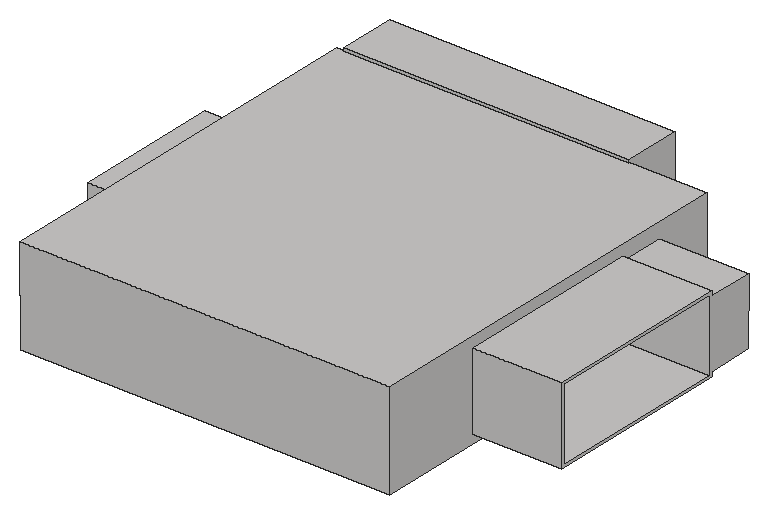
Revit family
Parameters
  Width = 3' - 7"
  Voltage = 240 V
  Unit Weight = "176.0 lbs"
  URL = "http://www.titus-hvac.com/"
  UL = "181"
  Supply Air Flow [instance] = 0 CFM
  Primary Air Pressure Drop [instance] = 0.00 in-wg
  Primary Air Flow [instance] = 0 CFM
  Plenum Air Pressure Drop [instance] = 0.00 in-wg
  Plenum Air Flow [instance] = 0 CFM
  Outlet Width = 1' - 8 3/8"
  Outlet Vertical Offset = 0' - 1 7/8"
  Outlet Horizontal Offset = 0' 11 1/4" + 0' 0 1/4"  # 0' - 11 1/2"
  Outlet Height = 0' - 8 3/8"
  Offset = 0' - 0 7/8"
  Number of Poles = 2
  Nominal Width = Width + 0' 6 1/4"  # 4' - 1 1/4"
  Nominal Length = Length + 0' 3 3/8" + 0' 9 3/4"  # 4' - 5 3/8"
  Nominal Inlet Width = 1' - 4"
  Nominal Inlet Height = 0' - 8"
  Nominal Height = 0' - 10 3/4"
  No. of Motors = 2
  NFPA = "90A"
  Motor Full Load Amps [instance] = 3.4 A
  Model = "DFLS"
  Min. Air Flow = 0 CFM
  Max. Air Flow = 1860 CFM
  Material = Steel
  Manufacturer = "Titus"
  Lynergy Controlled Heater = no
  Length = 3' - 4 1/4"
  Juction Box Offset = 0' - 0 3/4"
  Inlet Width = Nominal Inlet Width - 0' 0 1/8"  # 1' - 3 7/8"
  Inlet Height = Nominal Inlet Height - 0' 0 1/8"  # 0' - 7 7/8"
  Induced Air Inlet Offset = 0' - 1 1/8"
  Induced Air Inlet Width = 0' - 10 3/8"
  Induced Air Inlet Height = 0' - 8 3/4"
  Induced Air Filter = no
  Height = 0' - 10 1/2"
  Heating Total Capacity [instance] = 0 Btu/h
  Half Outlet Connection Width = Outlet Width / 2  # 0' - 10 3/16"
  Half Outlet Connection Height = Outlet Height / 2  # 0' - 4 3/16"
  Half Height Start = -(Height / 2)  # -0' - 5 1/4"
  Half Height End = Height / 2  # 0' - 5 1/4"
  HP-Motor = "1/6"
  Fuse Block = no
  Frequency = 60 Hz
  Foil Face Liner = Choose Liner Option = 1  # no
  Fiber Free Liner = Choose Liner Option = 2  # no
  Fan Disconnect Switch = no
  Electric Heat Power [instance] = 0 VA
  Description = "Series Fan Powered Terminal Unit, Direct Digital Control, Pressure Independent, Low Profile"
  Connection Void Radius = Connection Radius - 0' 0 1/4"  # 0' - 3 11/16"
  Connection Radius = Inlet Height / 2  # 0' - 3 15/16"
  Choose Liner Option = 0
  CADworks URL = "www.CADworks.net"
  Assembly Code = "D3040100"
  Apparent Power [instance] = Electric Heat Power + Motor Full Load Amps * Voltage  # 816 VA
  Air Inlet Offset = 1' - 9 5/8"
  1/2" Fiberglass Liner = Choose Liner Option = 0  # yes
Reference planes (in)
  plane 1 "Center (Front/Back)": y = 0
  plane 2: z = 0
  plane 3 "Center (Left/Right)": x = 3
  plane 4: x = -17.125
  plane 5: x = 23.125
  plane 6: x = -16.375
  plane 7: x = -20.5
  plane 8 "Center (Elevation)": z = 0
  plane 9: y = -21.5
  plane 10: y = 21.5
  plane 11: y = -0.125
  plane 12: y = -20.375
  plane 13: x = 32.875
  plane 14: y = 27.75
  plane 15: y = 20.375
  plane 16: x = -11.125
  plane 17: z = 5.25
  plane 18: z = -5.25
Forms (in)
  Extrusion 1, solid, material "Steel" <- "Material"
    sketch origin (0, 0, 0) x (1, 0, 0) y (0, 1, 0)
      loop
        line (-17.125, 21.5) -> (-17.125, -21.5) -> (23.125, -21.5) -> (23.125, 21.5) -> (-17.125, 21.5)
    from -5.25 <- "Half Height Start" to 5.25 <- "Half Height End"
  Extrusion 2, solid, material "Steel" <- "Material"
    sketch origin (2.25, 0, -4.125) x (1, 0, 0) y (0, 1, 0)
      loop
        line (-18.625, 21.5) -> (12.375, 21.5) -> (12.375, 27.75) -> (-18.625, 27.75) -> (-18.625, 21.5)
    from 0 to 9.625
  Extrusion 3, solid, material "Steel" <- "Material"
    sketch origin (-27.9375, -3.125, 0) x (0, 0, -1) y (0, 1, 0)
      loop
        line (-3.9375, -4.9375) -> (3.9375, -4.9375) -> (3.9375, 10.9375) -> (-3.9375, 10.9375) -> (-3.9375, -4.9375)
    from 7.4375 to 10.8125
  Extrusion 4, void
    sketch origin (-17.125, -21.5, 0) x (0, -1, 0) y (0, 0, -1)
      loop
        line (-11.5, -4.375) -> (-1.125, -4.375) -> (-1.125, 4.375) -> (-11.5, 4.375) -> (-11.5, -4.375)
    from 0 to 6
  Extrusion 5, void
    sketch origin (-27.9375, -11, 0) x (0, 1, 0) y (0, 0, 1)
      loop
        line (18.5625, 3.6875) -> (3.1875, 3.6875) -> (3.1875, -3.6875) -> (18.5625, -3.6875) -> (18.5625, 3.6875)
    from 7.4375 to 16.8125
  Extrusion 6, void
    sketch origin (-17.125, 21.5, 0) x (0, 1, 0) y (0, 0, 1)
      loop
        line (-11.5, 4.375) -> (-11.5, -4.375) -> (-1.125, -4.375) -> (-1.125, 4.375) -> (-11.5, 4.375)
    from 0 to 6
  Extrusion 7, solid, material "Steel" <- "Material"
    sketch origin (24.125, -40.875, 0) x (0, 1, 0) y (0, 0, 1)
      loop
        line (55.875, -3.6875) -> (55.875, 3.6875) -> (50.875, 3.6875) -> (50.875, 4.1875) -> (30.5, 4.1875) -> (30.5, -4.1875) -> (50.875, -4.1875) -> (50.875, -3.6875) -> (55.875, -3.6875)
      loop
        line (50.625, -3.9375) -> (50.625, 3.9375) -> (30.75, 3.9375) -> (30.75, -3.9375) -> (50.625, -3.9375)
    from -1 to 8.75
Cuts and joins
  Extrusion 4, Extrusion 5, Extrusion 6 cuts Extrusion 1
  Extrusion 5 cuts Extrusion 3
Dimensions and locks (in)
  "Length": plane 5 to plane 4
  equal spacing: plane 5, plane 3 "Center (Left/Right)", plane 4
  locked: Extrusion 2 to Extrusion 2 at 31
  "Juction Box Offset": plane 6 to plane 4
  locked: plane 4 to plane 7 at 3.375
  "Width": plane 9 to plane 10
  equal spacing: plane 9, plane 1 "Center (Front/Back)", plane 10, locked at 21.5 each
  locked: Extrusion 2 to Extrusion 2 at 6.25
  "Air Inlet Offset": plane 10 to plane 11
  "Induced Air Inlet Offset": plane 9 to plane 12
  "Induced Air Inlet Width": Extrusion 4 sketch curve to Extrusion 4 sketch curve
  "Induced Air Inlet Height": Extrusion 4 sketch curve to Extrusion 4 sketch curve
  "Induced Air Inlet Offset": Extrusion 4 sketch curve to plane 9
  "Inlet Width": Extrusion 3 sketch curve to Extrusion 3 sketch curve
  equal spacing: Extrusion 3 sketch curve, plane 11, Extrusion 3 sketch curve
  "Inlet Height": Extrusion 3 sketch curve to Extrusion 3 sketch curve
  equal spacing: Extrusion 3 sketch curve, plane 8 "Center (Elevation)", Extrusion 3 sketch curve
  "Offset": cut or joined group of Extrusion 1, Extrusion 4, Extrusion 5, Extrusion 6 to Extrusion 4 sketch curve
  "Induced Air Inlet Width": Extrusion 6 sketch curve to Extrusion 6 sketch curve
  "Induced Air Inlet Height": Extrusion 6 sketch curve to Extrusion 6 sketch curve
  locked: Extrusion 7 sketch curve to Extrusion 7 sketch curve at 5  (x2)
  "Offset": cut or joined group of Extrusion 1, Extrusion 4, Extrusion 5, Extrusion 6 to Extrusion 6 sketch curve
  "Induced Air Inlet Offset": plane 15 to plane 10
  equal spacing: plane 17, level, plane 18, locked at 5.25 each
  locked: Extrusion 2 to Extrusion 2 at 9.625
  locked: plane 18 to Extrusion 2 at 1.125
  "Induced Air Inlet Offset": Extrusion 6 sketch curve to plane 10
  cut or joined group of Extrusion 3, Extrusion 5 to cut or joined group of Extrusion 3, Extrusion 5 = 1' - 3 7/8"
  equal spacing: cut or joined group of Extrusion 3, Extrusion 5, plane 11, cut or joined group of Extrusion 3, Extrusion 5, locked at 7.9375 each
  locked: cut or joined group of Extrusion 3, Extrusion 5 to cut or joined group of Extrusion 3, Extrusion 5 at 0.25  (x2)
  "Outlet Width": Extrusion 7 sketch curve to Extrusion 7 sketch curve
  "Outlet Height": Extrusion 7 sketch curve to Extrusion 7 sketch curve
  equal spacing: Extrusion 7 sketch curve, level, Extrusion 7 sketch curve, locked at 4.1875 each
  locked: Extrusion 7 sketch curve to Extrusion 7 sketch curve at 0.25  (x6)
  locked: plane 9 to Extrusion 7 sketch curve at 11.125
  Extrusion 7 sketch curve to Extrusion 7 sketch curve = 0' - 7 3/8"
  equal spacing: Extrusion 7 sketch curve, level, Extrusion 7 sketch curve, locked at 3.6875 each
  locked: Extrusion 7 sketch curve to Extrusion 7 sketch curve at 0.5  (x2)
  locked: plane 5 to plane 13 at 9.75
  aligned and locked: plane 5 to Extrusion 7
  aligned and locked: plane 13 to Extrusion 7
  aligned and locked: plane 7 to cut or joined group of Extrusion 3, Extrusion 5  (x2)
  aligned and locked: plane 4 to cut or joined group of Extrusion 3, Extrusion 5
  aligned and locked: Extrusion 7 to cut or joined group of Extrusion 1, Extrusion 4, Extrusion 5, Extrusion 6
  aligned and locked: plane 16 to Extrusion 4
  aligned and locked: Extrusion 4 to Extrusion 5
  aligned and locked: Extrusion 5 to plane 7
  aligned and locked: Extrusion 5 to Extrusion 6
  aligned and locked: plane 6 to Extrusion 2
  aligned and locked: plane 14 to Extrusion 2
  aligned and locked: plane 10 to Extrusion 2
  aligned and locked: plane 4 to cut or joined group of Extrusion 1, Extrusion 4, Extrusion 5, Extrusion 6  (x3)
  aligned and locked: plane 15 to cut or joined group of Extrusion 1, Extrusion 4, Extrusion 5, Extrusion 6
  aligned and locked: plane 16 to cut or joined group of Extrusion 1, Extrusion 4, Extrusion 5, Extrusion 6  (x3)
  aligned and locked: plane 5 to cut or joined group of Extrusion 1, Extrusion 4, Extrusion 5, Extrusion 6
  aligned and locked: plane 9 to cut or joined group of Extrusion 1, Extrusion 4, Extrusion 5, Extrusion 6
  aligned and locked: plane 12 to cut or joined group of Extrusion 1, Extrusion 4, Extrusion 5, Extrusion 6
  aligned and locked: plane 17 to cut or joined group of Extrusion 1, Extrusion 4, Extrusion 5, Extrusion 6
  aligned and locked: plane 18 to cut or joined group of Extrusion 1, Extrusion 4, Extrusion 5, Extrusion 6
Automatic sketch dimensions
  Extrusion 1 sketch curve to plane 4 = 0' - 0"
  Extrusion 1 sketch curve to plane 5 = 0' - 0"
  Extrusion 1 sketch curve to plane 9 = 0' - 0"
  Extrusion 1 sketch curve to plane 10 = 0' - 0"
  Extrusion 2 sketch curve to plane 6 = 0' - 0"
  Extrusion 2 sketch curve to plane 10 = 0' - 0"
  plane 3 "Center (Left/Right)" to Extrusion 2 sketch curve = 0' - 11 5/8"
  Extrusion 2 sketch curve to Extrusion 2 sketch curve = 0' - 6 1/4"
  level to Extrusion 5 sketch curve = 0' - 3 11/16"
  plane 11 to Extrusion 5 sketch curve = 0' - 7 11/16"
  Extrusion 5 sketch curve to level = 0' - 3 11/16"
  Extrusion 5 sketch curve to plane 1 "Center (Front/Back)" = 0' - 7 9/16"
Connectors (in)
  electrical at (-0.875, 27.75, 0.6875), driven by "Apparent Power", driven by "Voltage", driven by "Number of Poles"
    settings: on Extrusion 2, index 8
  hvac at (-20.5, -0.125, 0), driven by "Primary Air Flow", driven by "Inlet Height", driven by "Inlet Width", driven by "Primary Air Pressure Drop"
    settings: on cut or joined group of Extrusion 3, Extrusion 5, index 12
  hvac at (-17.125, -15.1875, 0), driven by "Plenum Air Flow", driven by "Induced Air Inlet Height", driven by "Induced Air Inlet Width", driven by "Plenum Air Pressure Drop"
    settings: on cut or joined group of Extrusion 1, Extrusion 4, Extrusion 5, Extrusion 6, index 14
  hvac at (-17.125, 15.1875, 0), driven by "Plenum Air Flow", driven by "Induced Air Inlet Height", driven by "Induced Air Inlet Width", driven by "Plenum Air Pressure Drop"
    settings: on cut or joined group of Extrusion 1, Extrusion 4, Extrusion 5, Extrusion 6, index 15
  hvac at (32.875, -0.1875, 0), driven by "Supply Air Flow", driven by "Outlet Height", driven by "Outlet Width"
    settings: on Extrusion 7, index 17
